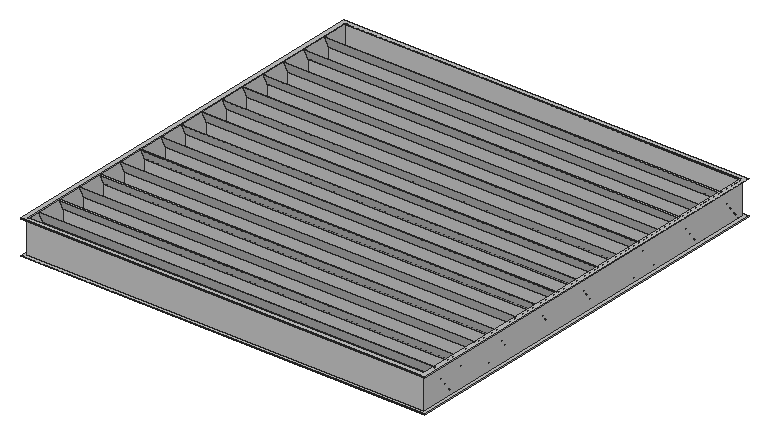
Revit family "Louver-Flanged_Frame-Carnes-Rectangular-Hurricane_FGLB", category Air Terminals, host Face, Revit 2012
Parameters (values of type "(See Type Catalog)")
  ecoScorecard_data = ""
  ecoScorecard Product Page = "http://ecoscorecard.com/"
  Wall Thickness Cut [instance] = 1' - 3.43893"
  URL = "http://www.carnes.com/index.html"
  Subcategory = "Louvers and Dampers"
  Specifications  URL = "http://www.carnes.com/Louvers/pdf/17139.pdf"
  Product Page URL = "http://www.carnes.com/Louvers/FHLB-FGLB.htm"
  Product Line = "Hurricane Louvers"
  Pressure Drop = 0.00 Pa
  Point of Water Penetration = 922 FPM
  Outside Width = Louver Width Control + 0' 0 3/4" * 2  # 6' - 1 1/2"
  Outside Height = Louver Height Control + 0' 0 3/4" * 2  # 6' - 1 1/2"
  Model = "FGLB"
  Minimum Size = "12\"W x 12\"H"
  Meets Building Code Standards = "See Catalog URL"
  Maximum Size Note = "72\"W x 72\"H, larger sizes made in multiple sections with vertical mullions."
  Manufacturer = "Carnes Company"
  Louver Width Control = if(Louver Width < 1' 0", 1' 0", if(Louver Width > 6' 0", 6' 0", Louver Width))  # 6' - 0"
  Louver Height Control = if(Louver Height < 1' 0", 1' 0", if(Louver Height > 6' 0", 6' 0", Louver Height))  # 6' - 0"
  Free Area Note = "See Spec Sheet URL"
  Free Area = 0.00 SF
  Description = "Hurricane Louvers"
  Connector Description 1 = "Duct Connetor"
  Blades Quantity [instance] = (Louver Height Control - (Blade Offset from Frame - 0' 0 3/4")) / 0' 4 5/8"  # 15
  Manufacturer Phone = "608-845-6411"
  Manufacturer Fax = "608-845-6470"
  Manufacturer Email = "mailto:carnes@carnes.com"
  Manufacturer Address = "448 S. Main St., P. O. Box 930040, Verona, WI 53593-0040"
  Louver Width = 6' - 0"
  Louver Length = 0' - 6.2"
  Louver Height = 6' - 0"
  Blades Length [instance] = Louver Length - (0' 0.13" * 2)  # 0' - 5.94"
  Frame Material = Aluminum - Carnes - Extruded
  Default Elevation = 4' - 0"
  Cost Info = "mailto:carnes@carnes.com"
  Catalog URL = "http://www.carnes.com/Louvers/pdf/f48-51.pdf"
  Symbol Blades Quantity = Louver Width / 0' 3" - (3 / 4 * 2)  # 23
  Blade Offset from Frame [instance] = 0' - 4 1/2"
  Blade Material = Aluminum - Carnes - Extruded
  Assembly Code = "D3090700"
  Airflow = 0 CFM
  95 CSI = "10200"
  04 CSI = "08 91 00"
Reference planes (in)
  plane 1 "Center (Elevation)": y = 0
  plane 2: z = 0
  plane 3 "Center (Left/Right)": x = 0
  plane 4 "Rear": z = -6.2
  plane 5: z = -0.125
  plane 6: z = -6.075
  plane 7: z = -3.1
  plane 8: x = -36
  plane 9: x = 36
  plane 10: x = -36.75
  plane 11: x = 36.75
  plane 12: y = 36
  plane 13: y = -36
  plane 14: y = 36.75
  plane 15: y = -36.75
  plane 16 "Blade CL": y = 32.25
  plane 17: z = -15.43893
Forms (in)
  Extrusion 1, solid, material "Aluminum - Carnes - Extruded" <- "Frame Material"
    sketch origin (0, 0, 0) x (1, 0, 0) y (0, 1, 0)
      loop
        line (-36.75, 36.75) -> (-36.75, -36.75) -> (36.75, -36.75) -> (36.75, 36.75) -> (-36.75, 36.75)
      loop
        line (-36, 36) -> (-36, -36) -> (36, -36) -> (36, 36) -> (-36, 36)
    from -0.125 to 0
  Extrusion 2, solid, material "Aluminum - Carnes - Extruded" <- "Frame Material"
    sketch origin (0, 0, 0) x (1, 0, 0) y (0, 1, 0)
      loop
        line (-36.75, 36.75) -> (-36.75, -36.75) -> (36.75, -36.75) -> (36.75, 36.75) -> (-36.75, 36.75)
      loop
        line (-36, 36) -> (-36, -36) -> (36, -36) -> (36, 36) -> (-36, 36)
    from -6.2 to -6.075
  Extrusion 3, solid, material "Aluminum - Carnes - Extruded" <- "Frame Material"
    sketch origin (0, 0, 0) x (1, 0, 0) y (0, 1, 0)
      loop
        line (-36, 36) -> (-36, -36) -> (36, -36) -> (36, 36) -> (-36, 36)
      loop
        line (-36.125, 36.125) -> (-36.125, -36.125) -> (36.125, -36.125) -> (36.125, 36.125) -> (-36.125, 36.125)
    from -6.075 to -0.125
  Sweep 4, void
    path origin (0, 0, 0) x (1, 0, 0) y (0, 0, 1)
      loop
        line (0, 0) -> (0, -15.43893)
    profile origin (0, 0, -7.71946) x (0, -1, 0) y (1, 0, 0)
      loop
        line (-36.75, -36.75) -> (36.75, -36.75) -> (36.75, 36.75) -> (-36.75, 36.75) -> (-36.75, -36.75)
Lines and regions (in)
  Masking region 1, detail levels coarse
    outline origin (0, 0, 0) x (1, 0, 0) y (0, 0, 1)
      loop
        line (36.75, 0) -> (-36.75, 0) -> (-36.75, -6.2) -> (36.75, -6.2) -> (36.75, 0)
  Masking region 2, detail levels medium+fine
    outline origin (0, 0, 0) x (1, 0, 0) y (0, 0, 1)
      loop
        line (36.75, 0) -> (-36.75, 0) -> (-36.75, -0.125) -> (-36.125, -0.125) -> (-36.125, -6.075) -> (-36.75, -6.075) -> (-36.75, -6.2) -> (36.75, -6.2) -> (36.75, -6.075) -> (36.125, -6.075) -> (36.125, -0.125) -> (36.75, -0.125) -> (36.75, 0)
  symbolic lines, detail levels fine
    curve 1: line (36.125, 0, -0.125) -> (-36.125, 0, -0.125)
    curve 2: line (36.125, 0, -6.075) -> (-36.125, 0, -6.075)
  symbolic lines, not visible
    curve 3: line (17.18252, 0, -14.33256) -> (17.62002, 0, -14.33256)
    curve 4: line (17.62002, 0, -14.33256) -> (20.84601, 0, -19.77006)
    curve 5: line (20.84601, 0, -19.77006) -> (21.28351, 0, -19.77006)
  symbolic lines
    curve 6: line (36, 0, -0.1875) -> (35.52861, 0, -0.1875)
    curve 7: line (32.3704, 0, -6.0125) -> (33.94951, 0, -3.1)
    curve 8: line (33.94951, 0, -3.1) -> (35.52861, 0, -0.1875)
    curve 9: line (33, 0, -0.1875) -> (32.52861, 0, -0.1875)
    curve 10: line (29.3704, 0, -6.0125) -> (30.94951, 0, -3.1)
    curve 11: line (30.94951, 0, -3.1) -> (32.52861, 0, -0.1875)
    curve 12: line (30, 0, -0.1875) -> (29.52861, 0, -0.1875)
    curve 13: line (26.3704, 0, -6.0125) -> (27.94951, 0, -3.1)
    curve 14: line (27.94951, 0, -3.1) -> (29.52861, 0, -0.1875)
    curve 15: line (32.3704, 0, -6.0125) -> (31.8704, 0, -6.0125)
    curve 16: line (29.3704, 0, -6.0125) -> (28.8704, 0, -6.0125)
    curve 17: line (26.3704, 0, -6.0125) -> (25.8704, 0, -6.0125)
    curve 18: line (27, 0, -0.1875) -> (26.52861, 0, -0.1875)
    curve 19: line (23.3704, 0, -6.0125) -> (24.94951, 0, -3.1)
    curve 20: line (24.94951, 0, -3.1) -> (26.52861, 0, -0.1875)
    curve 21: line (23.3704, 0, -6.0125) -> (22.8704, 0, -6.0125)
    curve 22: line (24, 0, -0.1875) -> (23.52861, 0, -0.1875)
    curve 23: line (20.3704, 0, -6.0125) -> (21.94951, 0, -3.1)
    curve 24: line (21.94951, 0, -3.1) -> (23.52861, 0, -0.1875)
    curve 25: line (20.3704, 0, -6.0125) -> (19.8704, 0, -6.0125)
    curve 26: line (21, 0, -0.1875) -> (20.52861, 0, -0.1875)
    curve 27: line (17.3704, 0, -6.0125) -> (18.94951, 0, -3.1)
    curve 28: line (18.94951, 0, -3.1) -> (20.52861, 0, -0.1875)
    curve 29: line (17.3704, 0, -6.0125) -> (16.8704, 0, -6.0125)
    curve 30: line (18, 0, -0.1875) -> (17.52861, 0, -0.1875)
    curve 31: line (14.3704, 0, -6.0125) -> (15.94951, 0, -3.1)
    curve 32: line (15.94951, 0, -3.1) -> (17.52861, 0, -0.1875)
    curve 33: line (14.3704, 0, -6.0125) -> (13.8704, 0, -6.0125)
    curve 34: line (15, 0, -0.1875) -> (14.52861, 0, -0.1875)
    curve 35: line (11.3704, 0, -6.0125) -> (12.94951, 0, -3.1)
    curve 36: line (12.94951, 0, -3.1) -> (14.52861, 0, -0.1875)
    curve 37: line (11.3704, 0, -6.0125) -> (10.8704, 0, -6.0125)
    curve 38: line (12, 0, -0.1875) -> (11.52861, 0, -0.1875)
    curve 39: line (8.3704, 0, -6.0125) -> (9.94951, 0, -3.1)
    curve 40: line (9.94951, 0, -3.1) -> (11.52861, 0, -0.1875)
    curve 41: line (8.3704, 0, -6.0125) -> (7.8704, 0, -6.0125)
    curve 42: line (9, 0, -0.1875) -> (8.52861, 0, -0.1875)
    curve 43: line (5.3704, 0, -6.0125) -> (6.94951, 0, -3.1)
    curve 44: line (6.94951, 0, -3.1) -> (8.52861, 0, -0.1875)
    curve 45: line (5.3704, 0, -6.0125) -> (4.8704, 0, -6.0125)
    curve 46: line (6, 0, -0.1875) -> (5.52861, 0, -0.1875)
    curve 47: line (2.3704, 0, -6.0125) -> (3.94951, 0, -3.1)
    curve 48: line (3.94951, 0, -3.1) -> (5.52861, 0, -0.1875)
    curve 49: line (2.3704, 0, -6.0125) -> (1.8704, 0, -6.0125)
    curve 50: line (3, 0, -0.1875) -> (2.52861, 0, -0.1875)
    curve 51: line (-0.6296, 0, -6.0125) -> (0.94951, 0, -3.1)
    curve 52: line (0.94951, 0, -3.1) -> (2.52861, 0, -0.1875)
    curve 53: line (-0.6296, 0, -6.0125) -> (-1.1296, 0, -6.0125)
    curve 54: line (0, 0, -0.1875) -> (-0.47139, 0, -0.1875)
    curve 55: line (-3.6296, 0, -6.0125) -> (-2.05049, 0, -3.1)
    curve 56: line (-2.05049, 0, -3.1) -> (-0.47139, 0, -0.1875)
    curve 57: line (-3.6296, 0, -6.0125) -> (-4.1296, 0, -6.0125)
    curve 58: line (-3, 0, -0.1875) -> (-3.47139, 0, -0.1875)
    curve 59: line (-6.6296, 0, -6.0125) -> (-5.05049, 0, -3.1)
    curve 60: line (-5.05049, 0, -3.1) -> (-3.47139, 0, -0.1875)
    curve 61: line (-6.6296, 0, -6.0125) -> (-7.1296, 0, -6.0125)
    curve 62: line (-6, 0, -0.1875) -> (-6.47139, 0, -0.1875)
    curve 63: line (-9.6296, 0, -6.0125) -> (-8.05049, 0, -3.1)
    curve 64: line (-8.05049, 0, -3.1) -> (-6.47139, 0, -0.1875)
    curve 65: line (-9.6296, 0, -6.0125) -> (-10.1296, 0, -6.0125)
    curve 66: line (-9, 0, -0.1875) -> (-9.47139, 0, -0.1875)
    curve 67: line (-12.6296, 0, -6.0125) -> (-11.05049, 0, -3.1)
    curve 68: line (-11.05049, 0, -3.1) -> (-9.47139, 0, -0.1875)
    curve 69: line (-12.6296, 0, -6.0125) -> (-13.1296, 0, -6.0125)
    curve 70: line (-12, 0, -0.1875) -> (-12.47139, 0, -0.1875)
    curve 71: line (-15.6296, 0, -6.0125) -> (-14.05049, 0, -3.1)
    curve 72: line (-14.05049, 0, -3.1) -> (-12.47139, 0, -0.1875)
    curve 73: line (-15.6296, 0, -6.0125) -> (-16.1296, 0, -6.0125)
    curve 74: line (-15, 0, -0.1875) -> (-15.47139, 0, -0.1875)
    curve 75: line (-18.6296, 0, -6.0125) -> (-17.05049, 0, -3.1)
    curve 76: line (-17.05049, 0, -3.1) -> (-15.47139, 0, -0.1875)
    curve 77: line (-18.6296, 0, -6.0125) -> (-19.1296, 0, -6.0125)
    curve 78: line (-18, 0, -0.1875) -> (-18.47139, 0, -0.1875)
    curve 79: line (-21.6296, 0, -6.0125) -> (-20.05049, 0, -3.1)
    curve 80: line (-20.05049, 0, -3.1) -> (-18.47139, 0, -0.1875)
    curve 81: line (-21.6296, 0, -6.0125) -> (-22.1296, 0, -6.0125)
    curve 82: line (-21, 0, -0.1875) -> (-21.47139, 0, -0.1875)
    curve 83: line (-24.6296, 0, -6.0125) -> (-23.05049, 0, -3.1)
    curve 84: line (-23.05049, 0, -3.1) -> (-21.47139, 0, -0.1875)
    curve 85: line (-24.6296, 0, -6.0125) -> (-25.1296, 0, -6.0125)
    curve 86: line (-24, 0, -0.1875) -> (-24.47139, 0, -0.1875)
    curve 87: line (-27.6296, 0, -6.0125) -> (-26.05049, 0, -3.1)
    curve 88: line (-26.05049, 0, -3.1) -> (-24.47139, 0, -0.1875)
    curve 89: line (-27.6296, 0, -6.0125) -> (-28.1296, 0, -6.0125)
    curve 90: line (-27, 0, -0.1875) -> (-27.47139, 0, -0.1875)
    curve 91: line (-30.6296, 0, -6.0125) -> (-29.05049, 0, -3.1)
    curve 92: line (-29.05049, 0, -3.1) -> (-27.47139, 0, -0.1875)
    curve 93: line (-30.6296, 0, -6.0125) -> (-31.1296, 0, -6.0125)
    curve 94: line (-30, 0, -0.1875) -> (-30.47139, 0, -0.1875)
    curve 95: line (-33.6296, 0, -6.0125) -> (-32.05049, 0, -3.1)
    curve 96: line (-32.05049, 0, -3.1) -> (-30.47139, 0, -0.1875)
    curve 97: line (-33.6296, 0, -6.0125) -> (-34.1296, 0, -6.0125)
Dimensions and locks (in)
  equal spacing: plane 15, plane 1 "Center (Elevation)", plane 14
  locked: plane 2 to plane 5 at 0.125
  locked: plane 6 to plane 4 "Rear" at 0.125
  "Louver Length": plane 2 to plane 4 "Rear"
  equal spacing: plane 5, plane 7, plane 6
  "Blade Offset from Frame": plane 14 to plane 16 "Blade CL"
  equal spacing: group 1, group 2, group 3, group 4, group 5, group 6, group 7, group 8, group 9, group 10, group 11, group 12, group 17, group 18, group 19  (x2)
  equal spacing: group 19, group 18, group 17, group 12, group 11, group 10, group 9, group 8, group 7, group 6, group 5, group 4, group 3, group 2, group 1
  locked: nested 1 to nested 2 at 4.64
  "Outside Height": plane 14 to plane 15
  equal spacing: plane 8, plane 3 "Center (Left/Right)", plane 9
  "Louver Width": plane 8 to plane 9
  equal spacing: plane 10, plane 3 "Center (Left/Right)", plane 11
  "Outside Width": plane 10 to plane 11
  equal spacing: plane 13, plane 1 "Center (Elevation)", plane 12
  "Louver Height": plane 13 to plane 12
  locked: curve 6 to plane 5 at 0.0625
  equal spacing: group 39, group 38, group 37, group 36, group 35, group 34, group 33, group 32, group 31, group 30, group 29, group 28, group 27, group 26, group 25, group 24, group 23, group 22, group 21, group 20, group 16, group 15, group 14
  equal spacing: group 14, group 15, group 16, group 20, group 21, group 22, group 23, group 24, group 25, group 26, group 27, group 28, group 29, group 30, group 31, group 32, group 33, group 34, group 35, group 36, group 37, group 38, group 39  (x2)
  locked: curve 8 to curve 11 at 3
  locked: plane 6 to curve 15 at 0.0625
  locked: curve 15 to plane 9 at 4.1296
  "Wall Thickness Cut": plane 2 to plane 17
  aligned and locked: plane 2 to host face
  aligned and locked: host face to level
  aligned and locked: plane 10 to Extrusion 1 sketch curve
  aligned and locked: Extrusion 1 sketch curve to plane 14
  aligned and locked: plane 15 to Extrusion 1 sketch curve
  aligned and locked: plane 11 to Extrusion 1 sketch curve
  aligned and locked: plane 8 to Extrusion 1 sketch curve
  aligned and locked: Extrusion 1 sketch curve to plane 12
  aligned and locked: plane 13 to Extrusion 1 sketch curve
  aligned and locked: plane 9 to Extrusion 1 sketch curve
  aligned and locked: Extrusion 1 to plane 5
  aligned and locked: plane 2 to Extrusion 1
  aligned and locked: Extrusion 2 sketch curve to Extrusion 1  (x6)
  aligned and locked: Extrusion 1 to Extrusion 2 sketch curve  (x2)
  aligned and locked: plane 6 to Extrusion 2
  aligned and locked: Extrusion 2 to plane 4 "Rear"
  aligned and locked: plane 8 to Extrusion 3 sketch curve
  aligned and locked: Extrusion 3 sketch curve to Extrusion 1  (x3)
  aligned and locked: plane 5 to Extrusion 3
  aligned and locked: Extrusion 3 to plane 6
  aligned and locked: plane 7 to nested 1
  aligned and locked: nested 1 to plane 16 "Blade CL"
  aligned and locked: plane 11 to Masking region 1 sketch curve
  aligned and locked: Masking region 1 sketch curve to plane 2
  aligned and locked: plane 4 "Rear" to Masking region 1 sketch curve
  aligned and locked: plane 10 to Masking region 1 sketch curve
  aligned and locked: Masking region 2 sketch curve to level
  aligned and locked: Masking region 2 sketch curve to plane 11  (x2)
  aligned and locked: plane 5 to Masking region 2 sketch curve  (x2)
  aligned and locked: Masking region 2 sketch curve to Extrusion 3  (x2)
  aligned and locked: plane 6 to Masking region 2 sketch curve  (x2)
  aligned and locked: plane 4 "Rear" to Masking region 2 sketch curve
  aligned and locked: Masking region 2 sketch curve to plane 10  (x2)
  aligned and locked: Extrusion 3 to curve 1  (x2)
  aligned and locked: curve 1 to plane 5
  aligned and locked: Extrusion 3 to curve 2  (x2)
  aligned and locked: curve 2 to plane 6
  aligned and locked: plane 2 to Sweep 4 sketch curve
  aligned and locked: Sweep 4 sketch curve to plane 3 "Center (Left/Right)"
  aligned and locked: plane 10 to Sweep 4 sketch curve
  aligned and locked: plane 11 to Sweep 4 sketch curve
  aligned and locked: Sweep 4 sketch curve to plane 14
  aligned and locked: Sweep 4 sketch curve to plane 15
  aligned and locked: plane 17 to Sweep 4 sketch curve
Automatic sketch dimensions
  Extrusion 3 sketch curve to plane 8 = 0' - 0 1/8"
  Extrusion 3 sketch curve to plane 9 = 0' - 0 1/8"
  plane 13 to Extrusion 3 sketch curve = 0' - 0 1/8"
  plane 12 to Extrusion 3 sketch curve = 0' - 0 1/8"
  host sketch curve to host sketch curve = 10' - 2.28147"
  host sketch curve to host sketch curve = 11' - 1.70966"
  curve 7 to curve 8 = 0' - 3.31304"  (x4)
  curve 6 to curve 6 = 0' - 0.47139"
  curve 15 to curve 15 = 0' - 0 1/2"
  curve 16 to curve 16 = 0' - 0 1/2"
  curve 17 to curve 17 = 0' - 0 1/2"
  curve 21 to curve 21 = 0' - 0 1/2"
  curve 25 to curve 25 = 0' - 0 1/2"
  curve 29 to curve 29 = 0' - 0 1/2"
  curve 33 to curve 33 = 0' - 0 1/2"
  curve 37 to curve 37 = 0' - 0 1/2"
  curve 41 to curve 41 = 0' - 0 1/2"
  curve 45 to curve 45 = 0' - 0 1/2"
  curve 49 to curve 49 = 0' - 0 1/2"
  curve 53 to curve 53 = 0' - 0 1/2"
  curve 57 to curve 57 = 0' - 0 1/2"
  curve 61 to curve 61 = 0' - 0 1/2"
  curve 65 to curve 65 = 0' - 0 1/2"
  curve 69 to curve 69 = 0' - 0 1/2"
  curve 73 to curve 73 = 0' - 0 1/2"
  curve 77 to curve 77 = 0' - 0 1/2"
  curve 81 to curve 81 = 0' - 0 1/2"
  curve 85 to curve 85 = 0' - 0 1/2"
  curve 89 to curve 89 = 0' - 0 1/2"
  curve 93 to curve 93 = 0' - 0 1/2"
  curve 97 to curve 97 = 0' - 0 1/2"
Nested families (in)
  nested 1: "Louver_Blade-Carnes" at (0, 32.25, -3.1) x (-1, 0, 0) z (0, 0, 1), type "Standard"
  nested 2: "Louver_Blade-Carnes" at (0, 27.61, -3.09583) x (-1, 0, 0) z (0, 0, 1), type "Standard"
  nested 3: "Louver_Blade-Carnes" at (0, 22.97, -3.09167) x (-1, 0, 0) z (0, 0, 1), type "Standard"
  nested 4: "Louver_Blade-Carnes" at (0, 18.33, -3.0875) x (-1, 0, 0) z (0, 0, 1), type "Standard"
  nested 5: "Louver_Blade-Carnes" at (0, 13.69, -3.08333) x (-1, 0, 0) z (0, 0, 1), type "Standard"
  nested 6: "Louver_Blade-Carnes" at (0, 9.05, -3.07917) x (-1, 0, 0) z (0, 0, 1), type "Standard"
  nested 7: "Louver_Blade-Carnes" at (0, 4.41, -3.075) x (-1, 0, 0) z (0, 0, 1), type "Standard"
  nested 8: "Louver_Blade-Carnes" at (0, -0.23, -3.07083) x (-1, 0, 0) z (0, 0, 1), type "Standard"
  nested 9: "Louver_Blade-Carnes" at (0, -4.87, -3.06667) x (-1, 0, 0) z (0, 0, 1), type "Standard"
  nested 10: "Louver_Blade-Carnes" at (0, -9.51, -3.0625) x (-1, 0, 0) z (0, 0, 1), type "Standard"
  nested 11: "Louver_Blade-Carnes" at (0, -14.15, -3.05833) x (-1, 0, 0) z (0, 0, 1), type "Standard"
  nested 12: "Louver_Blade-Carnes" at (0, -18.79, -3.05417) x (-1, 0, 0) z (0, 0, 1), type "Standard"
  nested 13: "Louver_Blade-Carnes" at (0, -23.43, -3.05) x (-1, 0, 0) z (0, 0, 1), type "Standard"
  nested 14: "Louver_Blade-Carnes" at (0, -28.07, -3.04583) x (-1, 0, 0) z (0, 0, 1), type "Standard"
  nested 15: "Louver_Blade-Carnes" at (0, -32.71, -3.04167) x (-1, 0, 0) z (0, 0, 1), type "Standard"
Connectors (in)
  hvac at (0, 0, -6.2), driven by "Louver Height Control", driven by "Louver Width Control", driven by "Connector Description 1", driven by "Airflow", driven by "Pressure Drop"
    settings: on Extrusion 2, index 1, duct flow 0 CFM, flow factor 0, pres drop 0.00 Pa, loss coef 0, conn angle 0.00°, conn width 72", conn height 72", conn radius 12", duct sys type 29, conn prof type 1, flow config 0, flow direction 0, loss method 4, conn ref index -1, conn util no, is conn primary yes, conn desc "Duct Connetor"
Definition of nested family "Louver_Blade-Carnes"
  Parameters (values of type "Standard")
    Width = 6' - 0"
    Blade Material = Aluminum - Carnes - Extruded
    Length = 0' - 5.94"
    Assembly Code = ""
  Reference planes (in)
    plane 1 "Center (Front/Back)": y = 0
    plane 2: z = 0
    plane 3 "Center (Left/Right)": x = 0
    plane 4: y = -2.31979
    plane 5: z = 2.97
    plane 6: z = -2.97
    plane 7: x = -36
    plane 8: x = 36
    plane 9: z = 0.99
    plane 10: z = -0.99
  Forms (in)
    Sweep 1, solid, material "Aluminum - Carnes - Extruded" <- "Blade Material"
      path origin (0, 0, 0) x (1, 0, 0) y (0, 1, 0)
        loop
          line (-36, 0) -> (36, 0)
      profile origin (0, 0, 0) x (0, 1, 0) y (0, 0, 1)
        loop
          line (0, -2.9075) -> (-1, -2.9075) -> (-1, -2.97) -> (0.0625, -2.97) -> (0.0625, 0.98604) -> (0.98763, 2.97) -> (0.91867, 2.97) -> (0.12704, 1.27234) -> (-3.06979, -2.97) -> (-2.99153, -2.97) -> (0, 0.9999) -> (0, -2.9075)
  Dimensions and locks (in)
    equal spacing: plane 6, plane 2, plane 5
    "Length": plane 6 to plane 5
    equal spacing: plane 7, plane 3 "Center (Left/Right)", plane 8
    "Width": plane 7 to plane 8
    locked: plane 1 "Center (Front/Back)" to plane 4 at 2.31979
    locked: Sweep 1 sketch curve to Sweep 1 sketch curve at 0.0625  (x2)
    locked: plane 6 to Sweep 1 sketch curve at 0.0625
    locked: Sweep 1 sketch curve to plane 1 "Center (Front/Back)" at 0.0625
    equal spacing: plane 5, plane 9, plane 10, plane 6
    aligned and locked: Sweep 1 sketch curve to plane 5
    aligned and locked: Sweep 1 sketch curve to plane 6
  Automatic sketch dimensions
    Sweep 1 sketch curve to plane 1 "Center (Front/Back)" = 0' - 0"
    Sweep 1 sketch curve to plane 7 = 0' - 0"
    Sweep 1 sketch curve to plane 8 = 0' - 0"
    Sweep 1 sketch curve to profile plane = 0' - 0"
    Sweep 1 sketch curve to Sweep 1 sketch curve = 0' - 1"
    Sweep 1 sketch curve to Sweep 1 sketch curve = 0' - 0.07826"
    Sweep 1 sketch curve to profile plane = 0' - 0.91867"
    Sweep 1 sketch curve to Sweep 1 sketch curve = 0' - 0 1/16"
    Sweep 1 sketch curve to Sweep 1 sketch curve = 0' - 0.01386"
    Sweep 1 sketch curve to Sweep 1 sketch curve = 0' - 0.06896"
